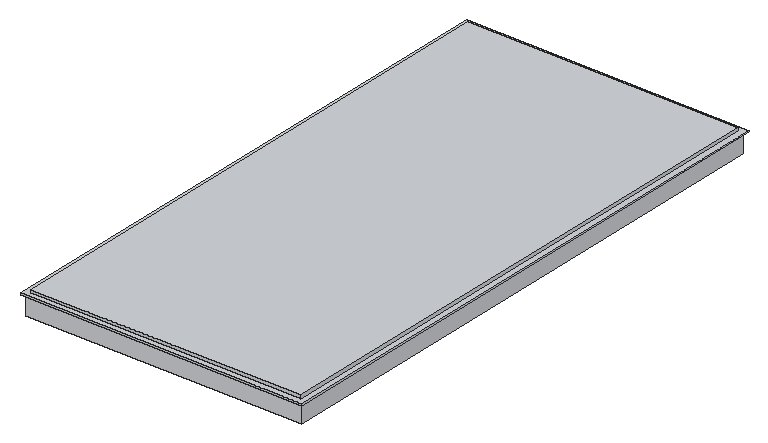
Revit family "S-1", category Air Terminals, host Face, Revit 2025
Family settings
  Host = Face
  Round Connector Dimension = Use Diameter
  Part Type = Normal
  Cut with Voids When Loaded = No
  Maintain Annotation Orientation = No
  Shared = No
  Room Calculation Point = No
Parameters (values of type "PDR")
  URL = "https://www.titus-hvac.com/products/Diffusers/PDR"
  Model = "PDR"
  Manufacturer = "TITUS"
  Flow [instance] = 0 CFM
  C = 1/8"
  Width - 1/2" = Width - 1/2"  # 23 1/2"
  Width = 24"
  Length - 1/2" = Length - 1/2"  # 47 1/2"
  Length = 48"
  D [instance] = 12"
  Default Elevation = 48"
  D - 1/8 [instance] = (D / 2) - 1/8"  # 5 7/8"
Reference planes (in)
  plane 1 "Center (Front/Back)": y = 0
  plane 2: z = 0
  plane 3 "Center (Left/Right)": x = 0
  plane 4: x = -12
  plane 5: x = 12
  plane 6: y = 24
  plane 7: y = -24
  plane 8: y = 23.93648
  plane 9: z = 0.375
Forms (in)
  Sweep 1, solid, detail levels medium+fine
    path origin (0, 0, 0) x (1, 0, 0) y (0, 1, 0)
      loop
        line (-12, 24) -> (-12, -24) -> (12, -24) -> (12, 24) -> (-12, 24)
    profile origin (0, 24, 0) x (0, 1, 0) y (0, 0, 1)
      loop
        line (-0.40692, 0.125) -> (-0.40692, 0) -> (-0.125, 0) -> (-0.125, -1.65366) -> (0, -1.65366) -> (0, 0) -> (0.27989, 0) -> (0.27989, 0.125) -> (-0.40692, 0.125)
      loop
        line (-0.17143, -0.06633) -> (-0.73497, -0.06633) -> (-0.73497, -0.71546) -> (-1.61996, -0.71546) -> (-1.61996, -0.84046) -> (-0.60997, -0.84046) -> (-0.60997, -0.19133) -> (-0.17143, -0.19133) -> (-0.17143, -0.06633)
  Extrusion 2, solid, detail levels medium+fine
    sketch origin (0, 0, 0) x (1, 0, 0) y (0, 1, 0)
      loop
        line (-11.75, 23.75) -> (-11.75, -23.75) -> (11.75, -23.75) -> (11.75, 23.75) -> (-11.75, 23.75)
    from -0.59927 to 0.375
Cuts and joins
  joined: Sweep 1, Extrusion 2
Lines and regions (in)
  symbolic lines
    curve 1: line (-12, 24, 0) -> (12, 24, 0)
    curve 2: line (-12, -24, 0) -> (-12, 24, 0)
    curve 3: line (12, -24, 0) -> (-12, -24, 0)
    curve 4: line (12, 24, 0) -> (12, -24, 0)
    curve 5: line (-12, 24, 0) -> (12, -24, 0)
    curve 6: line (-12, -24, 0) -> (12, 24, 0)
Dimensions and locks (in)
  equal spacing: Sweep 1 sketch curve, plane 1 "Center (Front/Back)", Sweep 1 sketch curve
  equal spacing: Sweep 1 sketch curve, plane 3 "Center (Left/Right)", Sweep 1 sketch curve
  "Width": Sweep 1 sketch curve to Sweep 1 sketch curve
  "Length": Sweep 1 sketch curve to Sweep 1 sketch curve
  equal spacing: plane 7, plane 1 "Center (Front/Back)", plane 6
  equal spacing: plane 4, plane 3 "Center (Left/Right)", plane 5
  "Width": plane 4 to plane 5
  "Length": plane 6 to plane 7
  "C": Sweep 1 sketch curve to profile plane
  "C": Sweep 1 sketch curve to plane 2
  equal spacing: Sweep 1 sketch curve, plane 8, Sweep 1 sketch curve
  plane 9 to plane 2 = 3/8"  (x2)
  equal spacing: Extrusion 2 sketch curve, plane 1 "Center (Front/Back)", Extrusion 2 sketch curve
  equal spacing: Extrusion 2 sketch curve, plane 3 "Center (Left/Right)", Extrusion 2 sketch curve
  "Width - 1/2"": Extrusion 2 sketch curve to Extrusion 2 sketch curve
  "Length - 1/2"": Extrusion 2 sketch curve to Extrusion 2 sketch curve
  "C": Sweep 1 sketch curve to Sweep 1 sketch curve  (x2)
  equal spacing: curve 1, plane 1 "Center (Front/Back)", curve 3
  equal spacing: curve 2, plane 3 "Center (Left/Right)", curve 4
  "Width": curve 2 to curve 4
  "Length": curve 3 to curve 1
  aligned and locked: plane 2 to host face
  aligned and locked: level to host face
  aligned and locked: plane 9 to Extrusion 2
Automatic sketch dimensions
  host sketch curve to host sketch curve = 96"  (x2)
  Sweep 1 sketch curve to level = 0"  (x2)
  Sweep 1 sketch curve to profile plane = 0"
  Sweep 1 sketch curve to Sweep 1 sketch curve = 0.04643"
  Sweep 1 sketch curve to Sweep 1 sketch curve = 0.23548"
  Sweep 1 sketch curve to plane 8 = 0.54645"
  Sweep 1 sketch curve to Sweep 1 sketch curve = 0.885"
  Sweep 1 sketch curve to level = 0.06633"
  Sweep 1 sketch curve to level = 0.71546"
  Sweep 1 sketch curve to Sweep 1 sketch curve = 1/8"
  Sweep 1 sketch curve to Sweep 1 sketch curve = 0.8132"
Connectors (in)
  hvac at (0, 0, -1.65366), driven by "Length", driven by "Width", driven by "Flow"
    settings: on cut or joined group of Sweep 1, Extrusion 2, index 1, duct flow 0 CFM, flow factor 0, pres drop 0.00 in-wg, loss coef 0, conn angle 0.00°, conn width 24", conn height 48", conn diameter 24", duct sys type 1, conn prof type 1, flow config 0, flow direction 2, loss method 4, conn ref index -1, conn util no, is conn primary yes, conn desc ""
